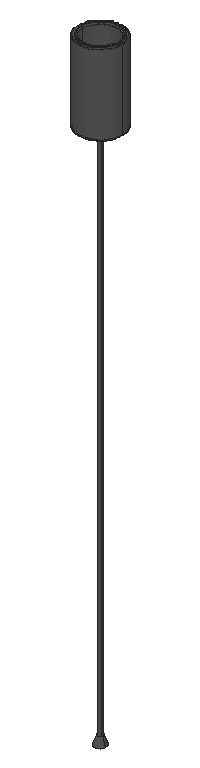
Revit family "CARLO CYLINDER LIGHT Pendant_ Surface", category Lighting Fixtures, host Face, Revit 2020 (continued)
Types (13): name | Wattage_Input | Wattage Comments | Wattage | built-in parameter 1150134 | Size 08 | Size 04 | Photometric Web File | built-in parameter 1150142 | Model | built-in parameter 1150105 | Lumens | built-in parameter 1150107 | built-in parameter 1150106 | Fixture Height | Fixture Diameter | BEAMING ANGLE | Apparent Load
    .546 12.798 15.036 18.24 22.759 28.092 33.834 40.046 46.693 \r\n 53.666 60.904 68.232 75.399 82.583 90.035 97.284 103.95 110.01 115.46 \r\n 119.9 122.63 124.44 125.88 126.99 128.04 128.98 129.82 130.64 131.56 \r\n 132.53 133.56 134.62 135.68 136.76 137.85 138.99 140.22 141.59 143.16 \r\n 144.96 146.97 149.33 152.18 155.5 159.27 163.63 168.64 174.54 181.58 \r\n 189.83 198.92 210.41 226.47 244.84 263.74 283.78 303.91 327.33 357.93 \r\n 392.65 429.55 469.1 511.36 555.55 600.88 647.54 695.65 744.64 793.85 \r\n 843.67 894.61 945.57 995.89 1044.8 1091.7 1135.5 1175 1210.5 1241.4 \r\n 1269.2 1294.6 1318.5 1343 1366.5 1388.7 1408.8 1426.2 1439.6 1447.3 \r\n 1452.3 \r\n1448.4 1448.7 1443.1 1432.7 1418.6 1401.2 1381.3 1360.5 1337.9 1313.8 \r\n 1287.1 1257.4 1223.8 1184.6 1141.6 1095.7 1048.1 999.89 950.93 901.25 \r\n 851.08 800.46 750.01 700.37 651.51 603.34 556.71 512.45 470.49 431.02 \r\n 394.07 359.61 327.95 299.2 273.88 253.09 235.33 219.37 205.6 194.09 \r\n 184.52 176.67 170.17 164.61 159.91 155.87 152.4 149.38 146.76 144.48 \r\n 142.48 140.68 139.13 137.9 136.84 135.84 134.88 133.83 132.8 131.82 \r\n 130.91 130.11 129.36 128.6 127.83 127.08 126.19 125.02 123.61 122.13 \r\n 120.06 116.87 112.78 107.78 102.08 95.83 89.17 82.293 75.147 67.656 \r\n 60.08 52.592 45.387 38.807 32.577 26.219 20.682 16.956 14.433 13.022 \r\n 12.153 11.183 10.24 9.2167 8.1807 7.1301 6.1696 5.3973 4.8315 4.5925 \r\n 4.4722 4.2774 4.0831 3.9002 3.7286 3.5736 3.4294 3.2927 3.1611 3.0329 \r\n 2.9034 2.7681 2.6248 2.4613 2.3027 2.1821 2.0625 1.9072 1.7481 1.6082 \r\n 1.4768 1.354 1.2305 1.0877 0.95257 0.85516 0.7671 0.66295 0.56395 0.48471 \r\n 0.41962 0.3688 0.32965 0.30114 0.27868 0.256 0.23713 0.2255 0.21665 0.20806 \r\n 0.20037 0.1937 0.18701 0.17887 0.17051 0.16288 0.15545 0.14805 0.14059 0.13294 \r\n 0.12512 0.11677 0.10896 0.10315 0.097796 0.091857 0.085366 0.077642 0.069774 0.063022 \r\n 0.056197 0.047952 0.040013 0.033629 0.028873 0.02719 0.025711 0.021392 0.016199 0.010903 \r\n 0.0060482 0.0024295 0.000071 0 0 0 0 0 0 0 \r\n 0 0 0 0 0 0 0.000009 0.00032452 0.00099343 0.0023631 \r\n 0.0038266 0.004737 0.0055617 0.0064015 0.007709 0.010113 0.013187 0.016544 0.020688 0.025271 \r\n 0.032452 0.046698 0.060734 0.067047 0.070821 0.074579 0.078797 0.085439 0.092562 0.098554 \r\n 0.10439 0.11035 0.11687 0.12486 0.13318 0.14053 0.14826 0.15786 0.16756 0.17545 \r\n 0.18342 0.1931 0.20335 0.21336 0.22388 0.2342 0.2491 0.27505 0.30628 0.33549 \r\n 0.37364 0.42908 0.50238 0.6032 0.71257 0.80514 0.90968 1.0586 1.2156 1.35 \r\n 1.4774 1.5982 1.7276 1.894 2.059 2.1792 2.2989 2.4584 2.6268 2.7887 \r\n 2.9392 3.0593 3.1758 3.3135 3.4592 3.6079 3.7609 3.9152 4.0795 4.2664 \r\n 4.4625 4.6477 4.8557 5.0684 5.4206 6.0846 6.9285 7.8738 8.932 10.126 \r\n 11.344 12.266 13.533 15.647 18.704 23.123 28.443 34.397 40.827 47.472 \r\n 54.381 61.569 68.874 76.129 83.371 90.715 97.772 104.14 109.98 115.54 \r\n 120.15 122.97 124.83 126.24 127.32 128.41 129.4 130.23 131.04 131.96 \r\n 132.92 133.92 134.94 135.99 137.06 138.15 139.29 140.5 141.84 143.39 \r\n 145.15 147.1 149.4 152.2 155.47 159.21 163.55 168.52 174.37 181.33 \r\n 189.5 198.41 210.03 227.3 246.88 266.09 285.8 304.55 326.58 356.94 \r\n 391.71 428.44 467.77 509.81 553.77 598.79 645.25 693.52 742.71 791.92 \r\n 841.6 892.25 942.91 993.06 1041.9 1089 1133.1 1172.3 1207.5 1238.5 \r\n 1266.5 1292 1316.3 1340.9 1364.6 1387 1407.3 1424.9 1438.6 1446.8 \r\n 1452.3 \r\n1448.4 1448.2 1441.8 1430.8 1416.1 1398.1 1378 1357.2 1334.7 1310.2 \r\n 1283.2 1253.2 1219.1 1179.5 1135.9 1089.4 1041.1 992.48 943.23 893.44 \r\n 843.23 792.53 742.08 692.67 644.09 596.02 549.5 505.54 463.97 424.97 \r\n 388.51 354.44 323.25 295.38 270.8 249.82 231.88 216.68 203.81 192.76 \r\n 183.49 175.9 169.6 164.18 159.56 155.59 152.17 149.17 146.56 144.32 \r\n 142.35 140.54 138.97 137.78 136.76 135.74 134.73 133.69 132.65 131.66 \r\n 130.75 129.98 129.27 128.55 127.8 127.06 126.18 125.02 123.61 122.09 \r\n 119.92 116.47 112.14 107.15 101.53 95.303 88.682 81.914 74.893 67.528 \r\n 60.023 52.434 45.113 38.552 32.387 26.08 20.643 17.155 14.875 13.603 \r\n 12.798 11.79 10.771 9.6984 8.6042 7.4628 6.4006 5.5192 4.8669 4.6101 \r\n 4.4955 4.2965 4.0993 3.9158 3.7421 3.5784 3.4251 3.2846 3.1521 3.0269 \r\n 2.8994 2.7573 2.6073 2.4455 2.291 2.175 2.0577 1.8954 1.7301 1.5968 \r\n 1.4729 1.3482 1.2211 1.0781 0.94488 0.85382 0.77129 0.66528 0.56334 0.48537 \r\n 0.42228 0.37212 0.33352 0.30621 0.28498 0.26313 0.24482 0.23342 0.22456 0.21602 \r\n 0.20849 0.20245 0.19643 0.1887 0.18048 0.17248 0.16446 0.15644 0.14843 0.14041 \r\n 0.1324 0.12414 0.11637 0.11008 0.1043 0.098534 0.092278 0.084289 0.076294 0.070262 \r\n 0.064229 0.056235 0.048243 0.041466 0.036179 0.034131 0.032101 0.026637 0.020181 0.013929 \r\n 0.0081593 0.0033822 0.000096 0 0 0 0 0 0 0 \r\n 0 0 0 0 0 0 0 0 0 0 \r\n 0 0 0 0 0 0.0014816 0.0039591 0.0074417 0.011926 0.016423 \r\n 0.023902 0.040049 0.055734 0.061362 0.064014 0.06779 0.072028 0.077767 0.084008 0.090018 \r\n 0.096029 0.10178 0.10802 0.11576 0.124 0.13176 0.14003 0.15002 0.16001 0.16805 \r\n 0.17609 0.18584 0.19608 0.20585 0.21612 0.22564 0.24011 0.26772 0.29983 0.32565 \r\n 0.35994 0.41502 0.48747 0.59085 0.70238 0.79244 0.89502 1.0485 1.2101 1.3426 \r\n 1.4672 1.5886 1.7198 1.8885 2.0554 2.1742 2.293 2.4562 2.6284 2.7893 \r\n 2.9373 3.0555 3.1705 3.3076 3.4545 3.6065 3.7659 3.9328 4.1101 4.3054 \r\n 4.5062 4.6855 4.895 5.1283 5.5332 6.318 7.2951 8.3385 9.4704 10.7 \r\n 11.94 12.918 14.198 16.178 19.074 23.376 28.662 34.792 41.413 48.069 \r\n 54.937 62.092 69.387 76.731 84.028 91.246 98.104 104.21 109.86 115.5 \r\n 120.28 123.22 125.16 126.55 127.61 128.73 129.75 130.58 131.38 132.3 \r\n 133.27 134.23 135.21 136.24 137.3 138.39 139.53 140.71 142.03 143.55 \r\n 145.27 147.16 149.4 152.13 155.35 159.05 163.34 168.26 174.05 180.92 \r\n 189 197.76 209.46 227.61 248.04 267.4 286.78 304.52 325.53 355.67 \r\n 390.42 426.91 465.97 507.76 551.47 596.23 642.51 690.9 740.25 789.45 \r\n 839.01 889.37 939.73 989.72 1038.6 1085.9 1130.1 1169.2 1204.2 1235.3 \r\n 1263.4 1289.2 1313.7 1338.5 1362.4 1385 1405.6 1423.5 1437.6 1446.3 \r\n 1452.3 \r\n" | "CCL3-06-10SPSW8-25-PSM-BK" | 902.32 (stored number, unit not read) | 900 lm | 3000 (stored number, unit not read) | 9.0232 (stored number, unit not read) | 0' - 6 51/256" | 0' - 3" | 25.00° | 10 VA
  CCL3-06-10SPSW8-40-PSM-BK | 10 W | "6W/8W/10W" | 6.05889 W | (empty or 0) | yes | no | "CCL3_10W_3000K_40__.IES" | "IESNA:LM-63-2002\r\n[TEST] CCL3 10W 3000K 40¡ã\r\n[TESTLAB] EVERFINE\r\n[TESTDATE] 2024-04-27\r\n[ISSUEDATE] 2024-05-20 13:37:14\r\n[NEARFIELD] \r\n[LAMPPOSITION] 0,0\r\n[OTHER] EVERFINE GO-2000B_V1 SYSTEM\r\n[MANUFAC] Aboveall lighting\r\nTILT=NONE\r\n1 799.72 1 181 17 1 2 -0.050 -0.050 0.000\r\n1.000 1 9.98411\r\n0.0    1.0    2.0    3.0    4.0    5.0    6.0    7.0    8.0    9.0    \r\n 10.0   11.0   12.0   13.0   14.0   15.0   16.0   17.0   18.0   19.0   \r\n 20.0   21.0   22.0   23.0   24.0   25.0   26.0   27.0   28.0   29.0   \r\n 30.0   31.0   32.0   33.0   34.0   35.0   36.0   37.0   38.0   39.0   \r\n 40.0   41.0   42.0   43.0   44.0   45.0   46.0   47.0   48.0   49.0   \r\n 50.0   51.0   52.0   53.0   54.0   55.0   56.0   57.0   58.0   59.0   \r\n 60.0   61.0   62.0   63.0   64.0   65.0   66.0   67.0   68.0   69.0   \r\n 70.0   71.0   72.0   73.0   74.0   75.0   76.0   77.0   78.0   79.0   \r\n 80.0   81.0   82.0   83.0   84.0   85.0   86.0   87.0   88.0   89.0   \r\n 90.0   91.0   92.0   93.0   94.0   95.0   96.0   97.0   98.0   99.0   \r\n 100.0  101.0  102.0  103.0  104.0  105.0  106.0  107.0  108.0  109.0  \r\n 110.0  111.0  112.0  113.0  114.0  115.0  116.0  117.0  118.0  119.0  \r\n 120.0  121.0  122.0  123.0  124.0  125.0  126.0  127.0  128.0  129.0  \r\n 130.0  131.0  132.0  133.0  134.0  135.0  136.0  137.0  138.0  139.0  \r\n 140.0  141.0  142.0  143.0  144.0  145.0  146.0  147.0  148.0  149.0  \r\n 150.0  151.0  152.0  153.0  154.0  155.0  156.0  157.0  158.0  159.0  \r\n 160.0  161.0  162.0  163.0  164.0  165.0  166.0  167.0  168.0  169.0  \r\n 170.0  171.0  172.0  173.0  174.0  175.0  176.0  177.0  178.0  179.0  \r\n 180.0  \r\n0.0    22.5   45.0   67.5   90.0   112.5  135.0  157.5  180.0  202.5  \r\n 225.0  247.5  270.0  292.5  315.0  337.5  360.0  \r\n1780.4 1780.5 1774.6 1761.6 1740.5 1711.4 1679.8 1641.1 1595.5 1544.4 \r\n 1484.8 1421.4 1355 1283.3 1205.6 1127.4 1042.7 958.44 873.24 793.76 \r\n 714.82 638.9 571.25 508.4 451.94 409.49 381.22 360.7 344.98 331.56 \r\n 320.72 311.24 303.11 295.65 287.15 273.6 248.52 217.14 185.31 146.76 \r\n 113.54 80.394 50.429 28.356 19.013 16.39 14.17 12.584 11.909 11.197 \r\n 10.386 9.1179 7.3963 6.3818 5.7324 5.4635 4.894 4.313 3.8192 3.5087 \r\n 3.1406 2.856 2.6071 2.2756 2.0974 1.8181 1.593 1.4558 1.2363 1.0873 \r\n 0.96676 0.82275 0.71448 0.62607 0.54187 0.46167 0.38945 0.32128 0.27692 0.22888 \r\n 0.18476 0.14861 0.12047 0.080633 0.052431 0.028337 0.0042939 0.000047 0 0 \r\n 0 0 0 0 0 0 0 0 0 0 \r\n 0 0 0 0 0 0 0 0 0 0 \r\n 0 0.0039608 0.023815 0.035926 0.059839 0.091812 0.12387 0.14793 0.18384 0.21595 \r\n 0.25197 0.28011 0.31608 0.36007 0.40019 0.45612 0.50429 0.56031 0.62021 0.68032 \r\n 0.76021 0.83244 0.92041 1.0165 1.1087 1.2167 1.3091 1.429 1.5532 1.6734 \r\n 1.8052 1.9335 2.0696 2.2098 2.3501 2.4864 2.6226 2.7588 2.8991 3.0274 \r\n 3.1675 3.2916 3.4158 3.5321 3.6523 3.7606 3.8649 3.9691 4.0614 4.1496 \r\n 4.2377 4.3179 4.3979 4.4701 4.5422 4.5946 4.6348 4.6788 4.6991 4.7192 \r\n 4.7352 4.7394 4.7434 4.7513 4.7554 4.7752 4.7873 4.8033 4.8273 4.8672 \r\n 4.8796 \r\n1780.4 1774.1 1766.4 1747.9 1720.8 1693.2 1659.5 1619.2 1571.1 1513.9 \r\n 1450.7 1386.2 1319.8 1246.2 1168.8 1087.8 1003.8 920.42 837.27 760.17 \r\n 684.09 610.61 543.93 483.1 432.72 396.49 371.65 353.59 339.05 326.94 \r\n 316.73 307.54 300.2 291.66 282.94 264.14 235.13 206.05 169.27 134.72 \r\n 98.901 67.147 41.071 23.44 17.648 15.257 13.464 12.341 11.601 10.979 \r\n 10.271 8.0598 6.7392 6.0058 5.5208 5.0231 4.4281 4.0785 3.6191 3.3179 \r\n 2.9545 2.7254 2.421 2.1336 1.9609 1.6692 1.481 1.3126 1.1326 0.99235 \r\n 0.85231 0.73621 0.63205 0.53207 0.45208 0.38799 0.30411 0.25599 0.20393 0.15601 \r\n 0.12789 0.091862 0.059732 0.019845 0 0 0 0 0 0 \r\n 0 0 0 0 0 0 0 0 0 0 \r\n 0 0 0 0 0 0 0 0 0.00011854 0.012108 \r\n 0.024221 0.048265 0.072275 0.092345 0.11639 0.1405 0.17256 0.20454 0.2287 0.26477 \r\n 0.30076 0.34081 0.3769 0.41704 0.46513 0.51325 0.56534 0.61758 0.68567 0.74986 \r\n 0.82215 0.91026 0.99428 1.0905 1.1947 1.2948 1.3912 1.5154 1.6357 1.7639 \r\n 1.8882 2.0245 2.1607 2.2967 2.4409 2.5771 2.7174 2.8576 2.9938 3.1261 \r\n 3.2583 3.3865 3.5186 3.6348 3.7467 3.8588 3.959 4.0551 4.1512 4.2393 \r\n 4.3155 4.4035 4.4756 4.5437 4.6036 4.6436 4.6876 4.7195 4.7315 4.7474 \r\n 4.7475 4.7515 4.7555 4.7676 4.7796 4.7917 4.8077 4.8278 4.8598 4.8796 \r\n 4.8796 \r\n1780.4 1763.8 1747.2 1727.1 1704.7 1676.6 1638.9 1595.1 1540.2 1480.2 \r\n 1419.5 1354 1278.8 1199 1119.9 1034.7 951.3 864.61 783.46 706.31 \r\n 631.32 561.87 499.21 445.39 405.81 378.25 358.8 343.07 330.51 319.72 \r\n 310.37 302.54 294.35 286.36 272.99 249.77 220.23 184.79 150.16 115.15 \r\n 80.128 52.349 29.928 19.726 17.19 15.423 13.858 13.009 12.354 11.546 \r\n 9.4452 7.088 6.311 5.6645 5.1064 4.6128 4.2784 3.8229 3.4612 3.1442 \r\n 2.8395 2.5516 2.2631 2.0379 1.8135 1.6089 1.4124 1.2557 1.0994 0.9471 \r\n 0.8305 0.71826 0.6024 0.53368 0.44577 0.37344 0.32903 0.27307 0.21697 0.18068 \r\n 0.14857 0.10859 0.080411 0.056392 0.024437 0.012166 0.00014381 0 0 0 \r\n 0 0 0 0 0 0 0 0 0 0 \r\n 0 0 0 0 0 0 0 0 0 0 \r\n 0.0079196 0.019895 0.03984 0.067802 0.091889 0.12386 0.14799 0.18383 0.21198 0.24399 \r\n 0.27605 0.31603 0.3561 0.40013 0.44818 0.50419 0.55236 0.61631 0.68816 0.76029 \r\n 0.83638 0.91648 1.0125 1.1086 1.2167 1.313 1.425 1.5491 1.6773 1.8016 \r\n 1.9373 2.0696 2.2019 2.3381 2.4783 2.6185 2.7548 2.895 3.0353 3.1636 \r\n 3.2919 3.4118 3.54 3.6484 3.7606 3.8648 3.9651 4.0573 4.1416 4.2218 \r\n 4.3019 4.3701 4.442 4.4983 4.5505 4.5828 4.6148 4.639 4.6472 4.6552 \r\n 4.6632 4.6712 4.6713 4.6792 4.6951 4.7072 4.7192 4.7352 4.7552 4.7792 \r\n 4.8796 \r\n1780.4 1755.4 1739.3 1719.4 1693.1 1661.7 1619 1571.2 1515.5 1452.9 \r\n 1389.7 1319.4 1237.5 1158.8 1074.2 984.75 899.66 814.22 732.44 658.73 \r\n 585.61 520.09 462.84 417.61 388.19 365.96 349.2 335.66 324.38 315.09 \r\n 306.15 298.77 290.75 283.23 268.03 239.18 210.3 177.56 140.6 106.81 \r\n 74.219 45.873 27.933 22.846 20.584 18.005 15.16 12.892 11.975 10.629 \r\n 7.663 6.7173 6.1771 5.7119 5.0323 4.5639 4.1587 3.6988 3.3425 3.0262 \r\n 2.7417 2.4534 2.1966 1.9051 1.7171 1.5087 1.285 1.1604 0.98043 0.84843 \r\n 0.744 0.61219 0.52812 0.4519 0.36803 0.31211 0.25998 0.20401 0.16403 0.13581 \r\n 0.087898 0.059883 0.035803 0.0079382 0 0 0 0 0 0 \r\n 0 0 0 0 0 0 0 0 0 0 \r\n 0 0 0 0 0 0 0 0.000077 0.0081706 0.024186 \r\n 0.044283 0.072239 0.088333 0.11244 0.14447 0.17252 0.20053 0.22469 0.26075 0.29686 \r\n 0.33676 0.36894 0.41696 0.45713 0.5092 0.55742 0.6215 0.68172 0.75388 0.83006 \r\n 0.91028 0.99848 1.0905 1.1987 1.2989 1.4031 1.5154 1.6397 1.768 1.9002 \r\n 2.0324 2.1607 2.297 2.4409 2.5811 2.7174 2.8616 3.0018 3.134 3.2662 \r\n 3.3865 3.5147 3.6387 3.747 3.8588 3.9589 4.051 4.1392 4.2272 4.3033 \r\n 4.3715 4.4475 4.5115 4.5635 4.6035 4.6355 4.6634 4.6754 4.6874 4.6954 \r\n 4.6993 4.6953 4.6954 4.7034 4.7115 4.7275 4.7356 4.7517 4.7877 4.8115 \r\n 4.8796 \r\n1780.4 1783.6 1768.6 1748.3 1718.4 1678.9 1631.9 1579.6 1520.6 1456.3 \r\n 1384.7 1306.8 1225.2 1139.4 1053.5 963.01 876.66 790.73 713.59 637.03 \r\n 567.41 505.25 453.61 413.09 384.62 363.61 347.87 335.64 325.41 316.56 \r\n 307.96 301.1 292.19 278.67 260.24 231.87 203.41 167.21 135.23 98.545 \r\n 66.254 41.923 30.877 26.226 22.479 18.376 15.063 13.557 12.486 9.9793 \r\n 7.9587 7.167 6.8183 5.8428 5.2196 4.7818 4.2496 3.79 3.4417 3.1168 \r\n 2.7689 2.48 2.1607 1.9444 1.732 1.4685 1.2926 1.1558 0.96814 0.84405 \r\n 0.73161 0.60004 0.52385 0.44366 0.35996 0.31188 0.2519 0.20398 0.17188 0.13573 \r\n 0.091873 0.067829 0.043597 0.0039581 0 0 0 0 0 0 \r\n 0 0 0 0 0 0 0 0 0 0 \r\n 0 0 0 0 0 0 0 0 0.00020196 0.016147 \r\n 0.028252 0.048245 0.064449 0.096462 0.12447 0.14851 0.1726 0.2007 0.23281 0.26882 \r\n 0.30079 0.33297 0.37701 0.41717 0.4653 0.5174 0.56958 0.62974 0.69386 0.75822 \r\n 0.84237 0.92633 1.0146 1.1107 1.207 1.3073 1.4195 1.5359 1.6642 1.7963 \r\n 1.9247 2.0649 2.2012 2.3371 2.4774 2.6216 2.7619 2.9021 3.0463 3.1786 \r\n 3.3148 3.4509 3.5711 3.6913 3.8111 3.9233 4.0313 4.1235 4.2196 4.3077 \r\n 4.3958 4.4718 4.5399 4.6039 4.6638 4.7038 4.7437 4.7717 4.7917 4.8076 \r\n 4.8157 4.8276 4.8357 4.8478 4.8638 4.8758 4.8879 4.9159 4.9398 4.9477 \r\n 4.8796 \r\n1780.4 1776.4 1761.4 1737.2 1703.9 1662.3 1611.5 1557.8 1496.2 1428.7 \r\n 1350.8 1271.6 1185.4 1096.1 1008.9 921.73 838.63 752.74 674.43 602.29 \r\n 535.73 477.39 429.72 394.38 371.17 353.6 339.83 328.94 319.8 311.08 \r\n 304.43 298.23 290.79 282.72 263.5 234.79 203.76 166.52 131.11 99.684 \r\n 68.299 43.262 26.177 21.688 17.84 14.526 13.219 12.426 11.195 8.9304 \r\n 7.0414 6.6778 6.1029 5.2202 4.7992 4.4062 3.8268 3.52 3.2313 2.8354 \r\n 2.6018 2.2629 2.0373 1.8804 1.5614 1.3996 1.2909 1.0517 0.94235 0.83813 \r\n 0.68226 0.60551 0.51768 0.44539 0.38914 0.33303 0.27296 0.23668 0.20856 0.16064 \r\n 0.12845 0.10435 0.068375 0.044307 0.020265 0.00018955 0 0 0 0 \r\n 0 0 0 0 0 0 0 0 0 0 \r\n 0 0 0 0 0 0 0 0 0 0 \r\n 0 0.011915 0.031883 0.055893 0.079936 0.10398 0.13598 0.16795 0.19604 0.22806 \r\n 0.26408 0.30809 0.34025 0.3882 0.44026 0.48838 0.5484 0.61248 0.67246 0.7524 \r\n 0.82858 0.91662 1.0088 1.1049 1.213 1.3132 1.4293 1.5495 1.6737 1.8098 \r\n 1.9378 2.0739 2.2062 2.3504 2.4986 2.631 2.7712 2.9154 3.0517 3.1919 \r\n 3.3163 3.4481 3.5684 3.6887 3.8049 3.9092 4.0094 4.1016 4.1859 4.27 \r\n 4.3542 4.4184 4.4824 4.5505 4.5908 4.6269 4.655 4.6751 4.6991 4.7113 \r\n 4.7233 4.7433 4.7514 4.7713 4.7873 4.7994 4.8313 4.8514 4.8834 4.9114 \r\n 4.8796 \r\n1780.4 1774.7 1759.1 1735.8 1701.4 1661.4 1611 1554.9 1491.5 1423.5 \r\n 1344.6 1261.9 1176.8 1089.6 1002.7 914.14 828.43 742.07 665.3 593.68 \r\n 527.31 469.88 425.2 390.96 367.7 350.73 337.29 326.87 316.48 308.63 \r\n 301.08 295.18 287.5 279.93 261.58 232.2 202.78 169.42 133.45 101.83 \r\n 69.14 43.301 25.575 19.995 17.328 14.836 12.703 11.894 10.777 8.7445 \r\n 6.9835 6.3691 5.658 5.1198 4.703 4.2855 3.7985 3.4852 3.1052 2.7814 \r\n 2.5282 2.2131 2.0164 1.7915 1.5289 1.3843 1.2079 1.0245 0.91993 0.78382 \r\n 0.6602 0.58797 0.50783 0.42803 0.37579 0.31196 0.26004 0.22393 0.18377 0.13599 \r\n 0.11573 0.075749 0.043644 0.0079162 0 0 0 0 0 0 \r\n 0 0 0 0 0 0 0 0 0 0 \r\n 0 0 0 0 0 0 0 0.000050 0.0041577 0.016187 \r\n 0.032216 0.048331 0.072374 0.096373 0.11655 0.14856 0.17661 0.20466 0.23276 0.26487 \r\n 0.30091 0.34491 0.38106 0.42523 0.47732 0.52946 0.58556 0.64185 0.71408 0.79413 \r\n 0.8664 0.95045 1.0467 1.1468 1.2431 1.3513 1.4637 1.5879 1.7122 1.8404 \r\n 1.9687 2.105 2.2413 2.3812 2.5214 2.6577 2.802 2.9462 3.0863 3.2186 \r\n 3.3508 3.479 3.6071 3.7233 3.8391 3.9432 4.0473 4.1354 4.2235 4.2996 \r\n 4.3797 4.4516 4.5078 4.5676 4.6077 4.6475 4.6715 4.6914 4.6995 4.7155 \r\n 4.7236 4.7396 4.7517 4.7718 4.7958 4.8197 4.8358 4.8599 4.892 4.9237 \r\n 4.8796 \r\n1780.4 1772 1756.7 1733.2 1701.5 1661.6 1613 1554.7 1490 1422 \r\n 1345.6 1262.2 1175.5 1086.5 995.55 908.08 820.23 735.16 658.55 587.28 \r\n 522.33 465.57 421.37 388.48 365.93 349.06 336.25 325.71 317.01 309.02 \r\n 302.29 295.84 288.74 281.24 264.92 237.75 205.95 170.52 138.74 105.28 \r\n 71.789 43.452 26.361 20.3 17.225 14.807 12.844 11.643 10.302 8.1047 \r\n 6.7715 6.2983 5.4326 4.9203 4.5623 4.1182 3.6456 3.3993 2.9919 2.7104 \r\n 2.4736 2.1466 1.9529 1.7447 1.4887 1.3354 1.1673 0.99897 0.89822 0.76226 \r\n 0.6459 0.57343 0.48959 0.42132 0.36907 0.31697 0.26488 0.23264 0.18867 0.15253 \r\n 0.12442 0.096366 0.060363 0.040261 0.020226 0.00018955 0 0 0 0 \r\n 0 0 0 0 0 0 0 0 0 0 \r\n 0 0 0 0 0 0 0 0 0 0 \r\n 0 0.0079436 0.027876 0.047913 0.071924 0.099943 0.12004 0.15589 0.18402 0.21604 \r\n 0.25603 0.29214 0.3282 0.37618 0.42427 0.47236 0.53635 0.60046 0.6644 0.74042 \r\n 0.81656 0.90857 1.0007 1.0969 1.205 1.3012 1.4213 1.5415 1.6697 1.7979 \r\n 1.9297 2.062 2.1982 2.3424 2.4787 2.6189 2.7592 2.9034 3.0476 3.184 \r\n 3.3043 3.4361 3.5683 3.6847 3.7969 3.9012 4.0014 4.0976 4.1819 4.266 \r\n 4.3382 4.4064 4.4704 4.5265 4.5707 4.6029 4.635 4.6511 4.6632 4.6712 \r\n 4.6793 4.6873 4.6993 4.7192 4.7392 4.7593 4.7872 4.8113 4.8393 4.8713 \r\n 4.8796 \r\n1780.4 1770.8 1758.6 1739 1708.6 1672.9 1625.6 1572.4 1512.7 1445 \r\n 1369.3 1288.7 1202.4 1113.3 1025.3 936.3 848 761.19 682.35 608.01 \r\n 540.37 481.19 433.86 397.52 372.08 353.34 339.34 328.71 319.19 311.47 \r\n 304.31 298.29 292.66 286.02 274.52 248.41 222.27 192.93 154.91 120.51 \r\n 88.898 56.547 34.878 23.991 19.565 16.461 14.235 12.491 11.001 9.2289 \r\n 7.1193 7.1205 5.9528 5.2794 4.8076 4.4251 3.8784 3.5427 3.2842 2.8503 \r\n 2.6602 2.3243 2.0492 1.8872 1.5927 1.4207 1.2758 1.0684 0.95211 0.8278 \r\n 0.69602 0.604 0.5239 0.44781 0.37594 0.3239 0.26404 0.22802 0.19574 0.14392 \r\n 0.11582 0.083762 0.051657 0.015881 0.0039571 0 0 0 0 0 \r\n 0 0 0 0 0 0 0 0 0 0 \r\n 0 0 0 0 0 0 0 0 0.000050 0.0041687 \r\n 0.020198 0.036312 0.060355 0.08431 0.10048 0.12848 0.15257 0.18067 0.21268 0.24088 \r\n 0.2808 0.31691 0.35698 0.3971 0.44126 0.49336 0.54555 0.60575 0.67392 0.74605 \r\n 0.81833 0.90229 0.99053 1.0868 1.1909 1.2912 1.3995 1.5158 1.6401 1.7723 \r\n 1.9006 2.0369 2.1771 2.313 2.4493 2.5936 2.7338 2.8741 3.0143 3.1505 \r\n 3.2866 3.4109 3.539 3.6552 3.7751 3.8911 3.9913 4.0913 4.1755 4.2636 \r\n 4.3436 4.4157 4.4837 4.5398 4.5956 4.6277 4.6755 4.6916 4.7115 4.7195 \r\n 4.7315 4.7435 4.7516 4.7637 4.7837 4.7998 4.8237 4.8399 4.872 4.9036 \r\n 4.8796 \r\n1780.4 1771.2 1761.3 1743.8 1717.4 1683.2 1639.8 1587.5 1530.2 1467.2 \r\n 1392.5 1312.7 1227.9 1140.6 1051.6 961.68 873.04 788.09 706.98 631.44 \r\n 561.7 500.31 448.51 409.02 381.28 360.21 344.68 332.74 322.99 314.65 \r\n 306.97 300.85 295.18 288.17 277.64 256.58 228.76 198.17 162.24 127.17 \r\n 90.949 62.832 39.725 26.837 22.043 17.942 15.508 13.751 12.254 10.119 \r\n 8.0567 7.5326 7.4246 5.9984 5.4294 4.9836 4.4077 3.9618 3.6561 3.1965 \r\n 2.9186 2.623 2.2828 2.093 1.8134 1.5924 1.4197 1.2156 1.0589 0.94636 \r\n 0.80235 0.68593 0.60574 0.52163 0.44938 0.40107 0.3371 0.29681 0.25277 0.20869 \r\n 0.17256 0.14047 0.10443 0.072431 0.052276 0.024303 0.00022159 0 0 0 \r\n 0 0 0 0 0 0 0 0 0 0 \r\n 0 0 0 0 0 0 0 0 0 0 \r\n 0 0 0.0079455 0.027881 0.055867 0.075966 0.099979 0.12792 0.15201 0.18796 \r\n 0.21608 0.25604 0.29214 0.33218 0.3802 0.44021 0.47647 0.53639 0.6003 0.66839 \r\n 0.74445 0.82455 0.91264 1.0087 1.1009 1.209 1.3092 1.4253 1.5455 1.6737 \r\n 1.7976 1.9337 2.066 2.2062 2.3425 2.4867 2.623 2.7632 2.9034 3.0397 \r\n 3.172 3.2959 3.4281 3.5445 3.6607 3.7769 3.8812 3.9774 4.0656 4.1459 \r\n 4.23 4.3062 4.3702 4.4304 4.4865 4.5227 4.5548 4.5829 4.5991 4.6071 \r\n 4.6152 4.6351 4.6432 4.6631 4.6871 4.7072 4.7352 4.7672 4.8032 4.8313 \r\n 4.8796 \r\n1780.4 1770.9 1763.5 1749.2 1726.1 1696 1656.3 1609.9 1553.9 1495 \r\n 1427.4 1351.3 1270.7 1185 1098.5 1009.3 922.36 833.63 753.36 674.14 \r\n 601.08 535.1 477.43 430.59 395.51 370.3 352.34 338.73 328.28 319.18 \r\n 310.97 304.17 297.89 291.38 283.14 267.88 241.35 214.71 179.79 145.04 \r\n 109.03 75.672 47.15 28.904 21.174 18.292 15.709 13.64 12.147 10.783 \r\n 8.9596 7.4554 6.7922 5.9753 5.3796 4.9154 4.5094 3.9941 3.6222 3.3165 \r\n 2.9137 2.6763 2.3605 2.105 1.9202 1.6407 1.4603 1.2761 1.1002 0.96396 \r\n 0.82786 0.70401 0.61194 0.52784 0.4478 0.3761 0.32781 0.26007 0.22792 0.18776 \r\n 0.13999 0.11977 0.083707 0.047738 0.019786 0 0 0 0 0 \r\n 0 0 0 0 0 0 0 0 0 0 \r\n 0 0 0 0 0 0 0 0 0 0.000081 \r\n 0.0081373 0.020202 0.036274 0.056355 0.080398 0.10435 0.12057 0.15263 0.18463 0.21273 \r\n 0.24471 0.27676 0.30891 0.34902 0.39306 0.43327 0.48536 0.5376 0.60171 0.66583 \r\n 0.73014 0.81007 0.89038 0.98643 1.0708 1.175 1.2831 1.3835 1.4998 1.624 \r\n 1.7444 1.8805 2.0088 2.1407 2.277 2.4173 2.5575 2.6938 2.834 2.9742 \r\n 3.1064 3.2387 3.3708 3.4949 3.6108 3.727 3.8351 3.9391 4.0273 4.1194 \r\n 4.1995 4.2795 4.3516 4.4155 4.4636 4.5154 4.5513 4.5714 4.5914 4.6073 \r\n 4.6113 4.6154 4.6274 4.6435 4.6596 4.6876 4.7117 4.7437 4.7718 4.8078 \r\n 4.8796 \r\n1780.4 1769.8 1764.3 1754 1734.5 1706.2 1671 1625.5 1573.9 1517.8 \r\n 1458.1 1390.8 1312.4 1230.5 1146.8 1057.7 969.91 881.52 798.69 716.44 \r\n 641.02 572.18 509.64 456.09 414.09 382.78 361.42 346.03 333.57 323.73 \r\n 314.65 306.71 299.51 292.87 285.72 275.46 254.18 225.23 192.3 157.17 \r\n 123.08 88.993 57.925 35.423 24.518 21.641 17.882 14.219 12.556 11.442 \r\n 9.9224 7.8877 6.9872
